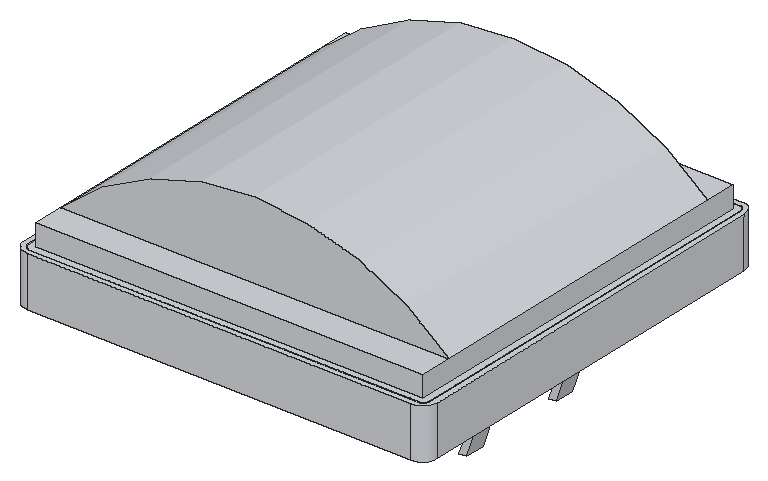
Revit family "Gira_537303", category Electrical Fixtures, host Face, Revit 2017
Family settings
  Host = Face
  Maintain Annotation Orientation = Yes
  Round Connector Dimension = Use Diameter
  Part Type = Normal
  Cut with Voids When Loaded = No
  Shared = No
  Room Calculation Point = No
Parameters (values of type "S3000 motion detec.top 1.10 m Standard System 55 p.white")
  URL = "http://katalog.gira.de/en/datenblatt.html?artikelnr=537303"
  Name = "S3000 motion detec.top 1.10 m Standard System 55 p.white"
  Model = "Movement sensor"
  Manufacturer URL = "https://www.gira.de/"
  Manufacturer = "Gira"
  Keynote = ""
  HeinzeBIM = "https://bimportal.heinze.de/bim/s3000-motion-detec-top-1-10-m-standard-system-55-p-white/b32f0a1a486864f0b9b01e38d389a815f8b57978"
  HAN = "537303"
  GTIN = "4010337049708"
  Description = "S3000 mot.det.top 1.10m Std Sys55 PW,System 3000 motion detector top unit 1.10 m Standard,System 55,pure white glossy,Features:,- Automatic switching of lighting, depending on the movement of heat and ambient brightness.,- Operation with System 3000 switching or dimming insert or 3-wire auxiliary insert.,- Expansion of the detection range in combination with the 3-wire auxiliary insert.,- Adjustable brightness threshold.,- Sensitivity adjustable in four steps.,- When connecting a System 3000 auxiliary insert with an operating top unit or mechanical button to the main unit, the lighting can be switched on or dimmed for the duration of the delay time.,With System 3000 dimming insert:,- Switch on with the last brightness set, or a saved switch-on brightness.,- The switch-on brightness can only be saved permanently via the System 3000 auxiliary insert with operating top unit.,,Notes :,- The detection range is aligned horizontally and when used outdoors may fail to identify a boundary. When installing outdoors, find an appropriate location or use the 2.20 m motion detector top unit."
  Default Elevation = 1219.2 mm
  Data sheet (1) = "https://katalog.gira.de/en/download.html?artikelnr=537303"
  Category = "Sensor element for movement sensor"
  BIM (1) = "https://media.stage.bim.site/public/gira/36a6b08/Bewegungsmelder_1,10m.rfa"
  Available = "No"
Reference planes
  plane 1 "Center (Front/Back)": y = 0
  plane 2: z = 0
  plane 3 "Center (Left/Right)": x = 0
Forms (mm)
  Extrusion 1, solid, detail levels fine
    sketch origin (0, 0, 0) x (1, 0, 0) y (0, 0, 1)
      loop
        line (-33.025, 12.126) -> (33.025, 12.126)
        arc (33.025, 12.126) -> (0, 25.3) -> (-33.025, 12.126) r 47.982
    from -27.6 to 27.6
  Extrusion 2, solid, detail levels fine
    sketch origin (0, 0, 0) x (1, 0, 0) y (0, 1, 0)
      loop
        line (33.025, 33.025) -> (-33.025, 33.025) -> (-33.025, -33.025) -> (33.025, -33.025) -> (33.025, 33.025)
    from 8.55 to 12.126
  Extrusion 3, solid, detail levels fine
    sketch origin (0, 0, 0) x (1, 0, 0) y (0, 1, 0)
      loop
        spline (-32.7, 35.2) -> (-33.027, 35.179) -> (-33.347, 35.115) -> (-33.657, 35.01) -> (-33.95, 34.865) -> (-34.222, 34.683) -> (-34.468, 34.468) -> (-34.683, 34.222) -> (-34.865, 33.95) -> (-35.01, 33.657) -> (-35.115, 33.347) -> (-35.179, 33.027) -> (-35.2, 32.7)
        line (-35.2, 32.7) -> (-35.2, -32.7)
        spline (-35.2, -32.7) -> (-35.179, -33.027) -> (-35.115, -33.347) -> (-35.01, -33.657) -> (-34.865, -33.95) -> (-34.683, -34.222) -> (-34.468, -34.468) -> (-34.222, -34.683) -> (-33.95, -34.865) -> (-33.657, -35.01) -> (-33.347, -35.115) -> (-33.027, -35.179) -> (-32.7, -35.2)
        line (-32.7, -35.2) -> (32.7, -35.2)
        spline (32.7, -35.2) -> (33.027, -35.179) -> (33.347, -35.115) -> (33.657, -35.01) -> (33.95, -34.865) -> (34.222, -34.683) -> (34.468, -34.468) -> (34.683, -34.222) -> (34.865, -33.95) -> (35.01, -33.657) -> (35.115, -33.347) -> (35.179, -33.027) -> (35.2, -32.7)
        line (35.2, -32.7) -> (35.2, 32.7)
        spline (35.2, 32.7) -> (35.179, 33.027) -> (35.115, 33.347) -> (35.01, 33.657) -> (34.865, 33.95) -> (34.683, 34.222) -> (34.468, 34.468) -> (34.222, 34.683) -> (33.95, 34.865) -> (33.657, 35.01) -> (33.347, 35.115) -> (33.027, 35.179) -> (32.7, 35.2)
        line (32.7, 35.2) -> (-32.7, 35.2)
      loop
        line (-34.2, 33.2) -> (-34.2, -33.2)
        spline (-34.2, -33.2) -> (-34.191, -33.331) -> (-34.166, -33.459) -> (-34.124, -33.583) -> (-34.066, -33.7) -> (-33.993, -33.809) -> (-33.907, -33.907) -> (-33.809, -33.993) -> (-33.7, -34.066) -> (-33.583, -34.124) -> (-33.459, -34.166) -> (-33.331, -34.191) -> (-33.2, -34.2)
        line (-33.2, -34.2) -> (33.2, -34.2)
        spline (33.2, -34.2) -> (33.331, -34.191) -> (33.459, -34.166) -> (33.583, -34.124) -> (33.7, -34.066) -> (33.809, -33.993) -> (33.907, -33.907) -> (33.993, -33.809) -> (34.066, -33.7) -> (34.124, -33.583) -> (34.166, -33.459) -> (34.191, -33.331) -> (34.2, -33.2)
        line (34.2, -33.2) -> (34.2, 33.2)
        spline (34.2, 33.2) -> (34.191, 33.331) -> (34.166, 33.459) -> (34.124, 33.583) -> (34.066, 33.7) -> (33.993, 33.809) -> (33.907, 33.907) -> (33.809, 33.993) -> (33.7, 34.066) -> (33.583, 34.124) -> (33.459, 34.166) -> (33.331, 34.191) -> (33.2, 34.2)
        line (33.2, 34.2) -> (-33.2, 34.2)
        spline (-33.2, 34.2) -> (-33.331, 34.191) -> (-33.459, 34.166) -> (-33.583, 34.124) -> (-33.7, 34.066) -> (-33.809, 33.993) -> (-33.907, 33.907) -> (-33.993, 33.809) -> (-34.066, 33.7) -> (-34.124, 33.583) -> (-34.166, 33.459) -> (-34.191, 33.331) -> (-34.2, 33.2)
    from 0 to 8.55
  Extrusion 4, solid, detail levels fine
    sketch origin (0, 0, 0) x (1, 0, 0) y (0, 1, 0)
      loop
        line (-34.2, 33.2) -> (-34.2, -33.2)
        spline (-34.2, -33.2) -> (-34.191, -33.331) -> (-34.166, -33.459) -> (-34.124, -33.583) -> (-34.066, -33.7) -> (-33.993, -33.809) -> (-33.907, -33.907) -> (-33.809, -33.993) -> (-33.7, -34.066) -> (-33.583, -34.124) -> (-33.459, -34.166) -> (-33.331, -34.191) -> (-33.2, -34.2)
        line (-33.2, -34.2) -> (33.2, -34.2)
        spline (33.2, -34.2) -> (33.331, -34.191) -> (33.459, -34.166) -> (33.583, -34.124) -> (33.7, -34.066) -> (33.809, -33.993) -> (33.907, -33.907) -> (33.993, -33.809) -> (34.066, -33.7) -> (34.124, -33.583) -> (34.166, -33.459) -> (34.191, -33.331) -> (34.2, -33.2)
        line (34.2, -33.2) -> (34.2, 33.2)
        spline (34.2, 33.2) -> (34.191, 33.331) -> (34.166, 33.459) -> (34.124, 33.583) -> (34.066, 33.7) -> (33.993, 33.809) -> (33.907, 33.907) -> (33.809, 33.993) -> (33.7, 34.066) -> (33.583, 34.124) -> (33.459, 34.166) -> (33.331, 34.191) -> (33.2, 34.2)
        line (33.2, 34.2) -> (-33.2, 34.2)
        spline (-33.2, 34.2) -> (-33.331, 34.191) -> (-33.459, 34.166) -> (-33.583, 34.124) -> (-33.7, 34.066) -> (-33.809, 33.993) -> (-33.907, 33.907) -> (-33.993, 33.809) -> (-34.066, 33.7) -> (-34.124, 33.583) -> (-34.166, 33.459) -> (-34.191, 33.331) -> (-34.2, 33.2)
    from 6.175 to 8.55
  Extrusion 5, solid, detail levels fine
    sketch origin (0, 0, 0) x (1, 0, 0) y (0, 1, 0)
      loop
        spline (-27.7, -27.1) -> (-27.696, -27.165) -> (-27.683, -27.229) -> (-27.662, -27.291) -> (-27.633, -27.35) -> (-27.597, -27.404) -> (-27.554, -27.454) -> (-27.504, -27.497) -> (-27.45, -27.533) -> (-27.391, -27.562) -> (-27.329, -27.583) -> (-27.265, -27.596) -> (-27.2, -27.6)
        line (-27.2, -27.6) -> (27.2, -27.6)
        spline (27.2, -27.6) -> (27.265, -27.596) -> (27.329, -27.583) -> (27.391, -27.562) -> (27.45, -27.533) -> (27.504, -27.497) -> (27.554, -27.454) -> (27.597, -27.404) -> (27.633, -27.35) -> (27.662, -27.291) -> (27.683, -27.229) -> (27.696, -27.165) -> (27.7, -27.1)
        line (27.7, -27.1) -> (27.7, 27.1)
        spline (27.7, 27.1) -> (27.696, 27.165) -> (27.683, 27.229) -> (27.662, 27.291) -> (27.633, 27.35) -> (27.597, 27.404) -> (27.554, 27.454) -> (27.504, 27.497) -> (27.45, 27.533) -> (27.391, 27.562) -> (27.329, 27.583) -> (27.265, 27.596) -> (27.2, 27.6)
        line (27.2, 27.6) -> (-27.2, 27.6)
        spline (-27.2, 27.6) -> (-27.265, 27.596) -> (-27.329, 27.583) -> (-27.391, 27.562) -> (-27.45, 27.533) -> (-27.504, 27.497) -> (-27.554, 27.454) -> (-27.597, 27.404) -> (-27.633, 27.35) -> (-27.662, 27.291) -> (-27.683, 27.229) -> (-27.696, 27.165) -> (-27.7, 27.1)
        line (-27.7, 27.1) -> (-27.7, -27.1)
      loop
        line (26.9, 26.8) -> (-26.9, 26.8) -> (-26.9, -26.8) -> (26.9, -26.8) -> (26.9, 26.8)
    from 0 to 6.175
  Extrusion 6, solid, detail levels fine
    sketch origin (0, 0, 0) x (1, 0, 0) y (0, 1, 0)
      loop
        line (-15.4, -23.928) -> (15.4, -23.928)
        arc (15.4, -23.928) -> (21.43, -21.43) -> (23.928, -15.4) r 8.528
        line (23.928, -15.4) -> (23.928, 15.4)
        arc (23.928, 15.4) -> (21.43, 21.43) -> (15.4, 23.928) r 8.528
        line (15.4, 23.928) -> (-15.4, 23.928)
        arc (-15.4, 23.928) -> (-21.43, 21.43) -> (-23.928, 15.4) r 8.528
        line (-23.928, 15.4) -> (-23.928, -15.4)
        arc (-23.928, -15.4) -> (-21.43, -21.43) -> (-15.4, -23.928) r 8.528
    from -0.985 to 1.6
  Extrusion 7, solid, detail levels fine
    sketch origin (0, 0, 0) x (1, 0, 0) y (0, 1, 0)
      loop
        line (-26.35, 18.301) -> (-26.35, -18.801)
        spline (-26.35, -18.801) -> (-26.286, -19.78) -> (-26.095, -20.742) -> (-25.779, -21.671) -> (-25.345, -22.551) -> (-24.8, -23.366) -> (-24.154, -24.104) -> (-23.416, -24.75) -> (-22.601, -25.295) -> (-21.721, -25.729) -> (-20.792, -26.045) -> (-19.83, -26.236) -> (-18.851, -26.3)
        line (-18.851, -26.3) -> (18.851, -26.3)
        spline (18.851, -26.3) -> (19.83, -26.236) -> (20.792, -26.045) -> (21.721, -25.729) -> (22.601, -25.295) -> (23.416, -24.75) -> (24.154, -24.104) -> (24.8, -23.366) -> (25.345, -22.551) -> (25.779, -21.671) -> (26.094, -20.742) -> (26.286, -19.78) -> (26.35, -18.801)
        line (26.35, -18.801) -> (26.35, 18.301)
        spline (26.35, 18.301) -> (26.286, 19.28) -> (26.094, 20.242) -> (25.779, 21.171) -> (25.345, 22.051) -> (24.8, 22.866) -> (24.154, 23.604) -> (23.416, 24.25) -> (22.601, 24.795) -> (21.721, 25.229) -> (20.792, 25.545) -> (19.83, 25.736) -> (18.851, 25.8)
        line (18.851, 25.8) -> (-18.851, 25.8)
        spline (-18.851, 25.8) -> (-19.83, 25.736) -> (-20.792, 25.545) -> (-21.721, 25.229) -> (-22.601, 24.795) -> (-23.416, 24.25) -> (-24.154, 23.604) -> (-24.8, 22.866) -> (-25.345, 22.051) -> (-25.779, 21.171) -> (-26.095, 20.242) -> (-26.286, 19.28) -> (-26.35, 18.301)
    from 1.6 to 6.1
  Extrusion 8, solid, detail levels fine
    sketch origin (0, 0, 0) x (1, 0, 0) y (0, 0, 1)
      loop
        line (-23.048, -13.343) -> (-21.665, -13.513) -> (-24.338, -6.363) -> (-23.36, 1.6) -> (-25.023, 1.6) -> (-24.975, -1.121) -> (-25.39, -6.541) -> (-23.048, -13.343)
      loop
        line (23.048, -13.343) -> (25.39, -6.541) -> (24.975, -1.121) -> (25.023, 1.6) -> (23.36, 1.6) -> (24.338, -6.363) -> (21.665, -13.513) -> (23.048, -13.343)
    from 7.9 to 11.14
  Extrusion 9, solid, detail levels fine
    sketch origin (0, 0, 0) x (1, 0, 0) y (0, 0, -1)
      loop
        line (-23.048, 13.343) -> (-25.39, 6.541) -> (-24.975, 1.121) -> (-25.023, -1.6) -> (-23.36, -1.6) -> (-24.338, 6.363) -> (-21.665, 13.513) -> (-23.048, 13.343)
      loop
        line (23.048, 13.343) -> (21.665, 13.513) -> (24.338, 6.363) -> (23.36, -1.6) -> (25.023, -1.6) -> (24.975, 1.121) -> (25.39, 6.541) -> (23.048, 13.343)
    from 7.9 to 11.14
  Extrusion 10, solid, detail levels fine
    sketch origin (0, 0, 0) x (1, 0, 0) y (0, 1, 0)
      loop
        line (-5.141, 20.681) -> (-5.141, 15.099)
        spline (-5.141, 15.099) -> (-5.133, 14.968) -> (-5.107, 14.84) -> (-5.065, 14.716) -> (-5.007, 14.599) -> (-4.935, 14.49) -> (-4.849, 14.391) -> (-4.75, 14.305) -> (-4.641, 14.233) -> (-4.524, 14.175) -> (-4.4, 14.133) -> (-4.272, 14.107) -> (-4.141, 14.099)
        line (-4.141, 14.099) -> (4.141, 14.099)
        spline (4.141, 14.099) -> (4.272, 14.107) -> (4.4, 14.133) -> (4.524, 14.175) -> (4.641, 14.233) -> (4.75, 14.305) -> (4.849, 14.391) -> (4.935, 14.49) -> (5.007, 14.599) -> (5.065, 14.716) -> (5.107, 14.84) -> (5.133, 14.968) -> (5.141, 15.099)
        line (5.141, 15.099) -> (5.141, 20.681)
        spline (5.141, 20.681) -> (5.133, 20.812) -> (5.107, 20.94) -> (5.065, 21.064) -> (5.007, 21.181) -> (4.935, 21.29) -> (4.849, 21.389) -> (4.75, 21.475) -> (4.641, 21.547) -> (4.524, 21.605) -> (4.4, 21.647) -> (4.272, 21.673) -> (4.141, 21.681)
        line (4.141, 21.681) -> (-4.141, 21.681)
        spline (-4.141, 21.681) -> (-4.272, 21.673) -> (-4.4, 21.647) -> (-4.524, 21.605) -> (-4.641, 21.547) -> (-4.75, 21.475) -> (-4.849, 21.389) -> (-4.935, 21.29) -> (-5.007, 21.181) -> (-5.065, 21.064) -> (-5.107, 20.94) -> (-5.133, 20.812) -> (-5.141, 20.681)
    from -17.3 to -0.985
  Extrusion 11, solid, detail levels medium
    sketch origin (0, 0, 0) x (1, 0, 0) y (0, 1, 0)
      loop
        line (33.025, 33.025) -> (-33.025, 33.025) -> (-33.025, -33.025) -> (33.025, -33.025) -> (33.025, 33.025)
    from 8.55 to 25.3
  Extrusion 12, solid, detail levels medium
    sketch origin (0, 0, 0) x (1, 0, 0) y (0, 1, 0)
      loop
        line (-35.2, 35.2) -> (-35.2, -35.2) -> (35.2, -35.2) -> (35.2, 35.2) -> (-35.2, 35.2)
    from 0 to 8.55
  Extrusion 13, solid, detail levels medium
    sketch origin (0, 0, 0) x (1, 0, 0) y (0, 0, 1)
      loop
        line (-25.023, 1.6) -> (-25.023, -13.1) -> (-21.665, -13.513) -> (-21.665, 1.6) -> (-25.023, 1.6)
      loop
        line (25.023, 1.6) -> (21.665, 1.6) -> (21.665, -13.513) -> (25.023, -13.1) -> (25.023, 1.6)
    from 8 to 11.14
  Extrusion 14, solid, detail levels medium
    sketch origin (0, 0, 0) x (1, 0, 0) y (0, 0, -1)
      loop
        line (-25.023, -1.6) -> (-21.665, -1.6) -> (-21.665, 13.513) -> (-25.023, 13.1) -> (-25.023, -1.6)
      loop
        line (25.023, -1.6) -> (25.023, 13.1) -> (21.665, 13.513) -> (21.665, -1.6) -> (25.023, -1.6)
    from 8 to 11.14
  Extrusion 15, solid, detail levels medium
    sketch origin (0, 0, 0) x (1, 0, 0) y (0, 1, 0)
      loop
        line (-5.141, 21.681) -> (-5.141, 14.099) -> (5.141, 14.099) -> (5.141, 21.681) -> (-5.141, 21.681)
    from -17.3 to -0.985
  Extrusion 16, solid, detail levels coarse
    sketch origin (0, 0, 0) x (1, 0, 0) y (0, 1, 0)
      loop
        line (-35.2, 35.2) -> (-35.2, -35.2) -> (35.2, -35.2) -> (35.2, 35.2) -> (-35.2, 35.2)
    from -17.3 to 25.3
Dimensions and locks
  aligned and locked: plane 2 to host face
  aligned and locked: level to host face
  aligned and locked: nested 1 to plane 3 "Center (Left/Right)"
  aligned and locked: plane 1 "Center (Front/Back)" to nested 1
Nested families
  nested 1: "Belegungssensor - Bewegung - Aufputz - Beschriftung" at (0, 0, 0) x (0, -1, 0) z (0, 0, 1), type "Belegungssensor - Bewegung - Aufputz - Beschriftung"
Connectors
  electrical at (0, 0, -17.3)
    settings: on Extrusion 16, index 1, voltage 220 V, apparent load 0 VA, apparent load phase1 0 VA, apparent load phase2 0 VA, apparent load phase3 0 VA, power factor 1, load classification "Other", number of poles 1, system type 30, power factor state 1, is connector primary yes, connector utility no, sub classification motor no, connector description ""
Definition of nested family "Belegungssensor - Bewegung - Aufputz - Beschriftung"
  Reference planes
    plane 1: y = 0
    plane 2: x = 0
  Lines and regions (mm)
    Filled region 1, type "Gefüllter Bereich 1"
      outline origin (143.425, -20.712, 0) x (1, 0, 0) y (0, 1, 0)
        loop
          line (-148.697, 21.204) -> (-148.697, 20.409) -> (-147.583, 20.807) -> (-148.697, 21.204)
    Filled region 2, type "Gefüllter Bereich 1"
      outline origin (141.808, 30.001, 0) x (0.939693, 0.34202, 0) y (-0.34202, 0.939693, 0)
        loop
          line (-148.694, 21.203) -> (-148.694, 20.41) -> (-147.583, 20.807) -> (-148.694, 21.203)
    Filled region 3, type "Gefüllter Bereich 1"
      outline origin (141.819, -29.825, 0) x (-0.34202, -0.939693, 0) y (0.939693, -0.34202, 0)
        loop
          line (21.204, -148.697) -> (20.807, -147.583) -> (20.409, -148.697) -> (21.204, -148.697)
    detail lines
      curve 1: line (-1.207, 0.095, 0) -> (-3.486, 1.411, 0)
      curve 2: line (-1.207, 0.095, 0) -> (-3.486, -1.221, 0)
      curve 5: arc (-3.252, 1.752, 0) -> (-3.839, 0.095, 0) -> (-3.252, -1.562, 0) r 2.632
      curve 6: line (-6, 3, 0) -> (0, 3, 0)
      curve 7: line (-6, -3, 0) -> (-6, 3, 0)
      curve 8: line (0, -3, 0) -> (-6, -3, 0)
      curve 9: line (0, 3, 0) -> (0, -3, 0)
    reference lines
      curve 3: line (-1.207, 0.095, 0) -> (-3.616, 2.046, 0)
      curve 4: line (-1.207, 0.095, 0) -> (-3.616, -1.856, 0)
  Dimensions and locks
    curve 1 to curve 1 = 2.632 mm
    curve 2 to curve 2 = 2.632 mm
    curve 6 to curve 8 = 6 mm
    curve 7 to curve 9 = 6 mm
    angle curve 1 to curve 2 = 60.00°
    aligned and locked: curve 6 to curve 7
    aligned and locked: curve 9 to curve 9
